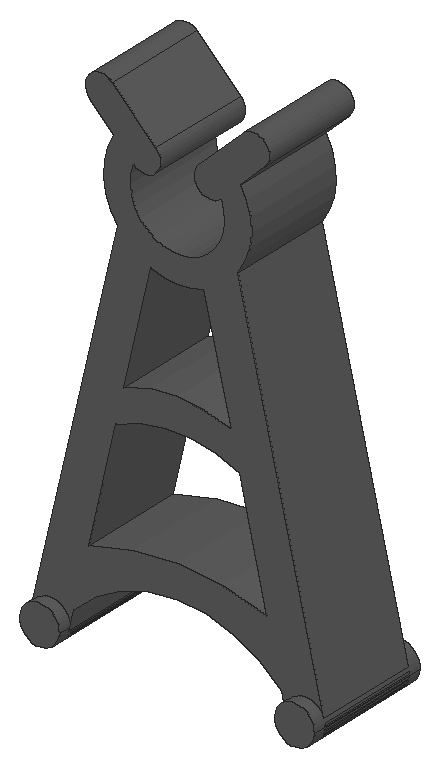
Revit family "101010006208804", category Modelos genéricos, Revit 2018
Family settings
  Puede alojar armadura = No
  Cota de conector redondo = Diámetro de uso
  Tipo de pieza = Normal
  Se basa en plano de trabajo = No
  Siempre vertical = No
  Corte con vacíos al cargar = No
  Compartido = No
  Punto de cálculo de habitación = No
Parameters (values of type "SEPARADORES TIPO TORRE 15 mm")
  Ventajas = "Mantiene la distancia en la altura exigida, mantiene los\r\nespesores de piso o techos de hormigón requerido y son\r\nmás livianas."
  Uso = "Para distanciar una barra o malla, del encofrado o fenólico."
  Unidad = "Bolsa 1000 Un."
  URL = "https://www.empresascnp.cl/"
  Num SKUs = "101010006208804"
  Nombre SKU = "SEPARADOR MOLDAJE TORRE 15MM BOLSA 2.000UN"
  Modelo = "SEPARADORES TIPO TORRE"
  Material = PEAD
  Url Ficha tecnica = "https://empresascnp.cl/wp-content/uploads//pdf/ficha-tecnica-separador-moldaje-torre-20mm-bolsa-2-000un.pdf"
  Espesor = 0.00 mm
  Empresa = "CNP SPA."
  Dureza = ""
  Dimension = 20.00 mm
  Descripción = "Torre de 20, para Fe de 8 a 12mm. Recubrimiento 20mm"
  Contacto = "info@empresascnp.cl"
  Color = "Negro"
  Aplicacion = "Se aplican a modo de clip a presión en forma\r\nhorizontal sobre el encofrado o placa fenólica. (4 Un. x m2\r\nAprox.)"
Reference planes
  plane 1 "Center F/B": y = 0
  plane 2: z = 0
  plane 3 "Center L/R": x = 0
  plane 4: z = 20
Forms (mm)
  Extrusion 1, solid, material "PEAD" <- "Material"
    sketch origin (0, 2, 0) x (1, 0, 0) y (0, 0, 1)
      loop
        line (-2.272, 15.009) -> (-5.59, 0.833)
        arc (-5.59, 0.833) -> (-5.013, 0.019) -> (-4.138, 0.497) r 0.75
        line (-4.138, 0.497) -> (-3.936, 1.371)
        arc (-3.936, 1.371) -> (0, 3.102) -> (3.936, 1.371) r 5.341
        line (3.936, 1.371) -> (4.138, 0.497)
        arc (4.138, 0.497) -> (5.013, 0.019) -> (5.59, 0.833) r 0.75
        line (5.59, 0.833) -> (2.272, 15.009)
        arc (2.272, 15.009) -> (2.797, 16.517) -> (2.412, 18.067) r 2.8
        line (2.412, 18.067) -> (3.321, 18.976)
        arc (3.321, 18.976) -> (3.321, 19.824) -> (2.472, 19.824) r 0.6
        line (2.472, 19.824) -> (0.819, 18.171)
        arc (0.819, 18.171) -> (0.819, 17.323) -> (1.668, 17.323) r 0.6
        arc (1.668, 17.323) -> (0, 14.845) -> (-1.668, 17.323) r 1.8
        arc (-1.668, 17.323) -> (-0.819, 17.323) -> (-0.819, 18.171) r 0.6
        line (-0.819, 18.171) -> (-2.472, 19.824)
        arc (-2.472, 19.824) -> (-3.321, 19.824) -> (-3.321, 18.976) r 0.6
        line (-3.321, 18.976) -> (-2.412, 18.067)
        arc (-2.412, 18.067) -> (-2.797, 16.517) -> (-2.272, 15.009) r 2.8
      loop
        line (-1.01, 14.034) -> (-2.037, 9.59)
        arc (-2.037, 9.59) -> (0, 9.994) -> (2.037, 9.59) r 5.341
        line (2.037, 9.59) -> (1.01, 14.034)
        arc (1.01, 14.034) -> (0, 13.845) -> (-1.01, 14.034) r 2.8
      loop
        line (-2.347, 8.251) -> (-3.387, 3.746)
        arc (-3.387, 3.746) -> (0, 4.302) -> (3.387, 3.746) r 10.61
        line (3.387, 3.746) -> (2.347, 8.251)
        arc (2.347, 8.251) -> (0, 8.794) -> (-2.347, 8.251) r 5.341
    from 0 to 4
  Extrusion 2, solid, material "PEAD" <- "Material"
    sketch origin (0, 2, 0) x (1, 0, 0) y (0, 0, 1)
      loop
        circle (-4.844, 0.75) r 0.75
      loop
        circle (4.844, 0.75) r 0.75
    from -0.5 to 4.5
Dimensions and locks
  "Dimension": plane 4 to level
Automatic sketch dimensions
  level to Extrusion 2 sketch curve = 0.75 mm  (x2)
  Extrusion 2 sketch curve to plane 3 "Center L/R" = 4.844 mm
  plane 3 "Center L/R" to Extrusion 2 sketch curve = 4.844 mm
  Extrusion 1 sketch curve to Extrusion 1 sketch curve = 0.00 mm  (x12)
  Extrusion 1 sketch curve to plane 3 "Center L/R" = 0.00 mm  (x5)
  Extrusion 1 sketch curve to plane 3 "Center L/R" = 0.819 mm
  Extrusion 1 sketch curve to plane 3 "Center L/R" = 1.01 mm
  Extrusion 1 sketch curve to Extrusion 1 sketch curve = 0.424 mm  (x9)
  Extrusion 1 sketch curve to plane 3 "Center L/R" = 2.037 mm
  Extrusion 1 sketch curve to Extrusion 1 sketch curve = 1.262 mm  (x2)
  Extrusion 1 sketch curve to Extrusion 1 sketch curve = 0.309 mm  (x2)
  plane 4 to Extrusion 1 sketch curve = 1.933 mm
  Extrusion 1 sketch curve to Extrusion 1 sketch curve = 1.169 mm  (x2)
  plane 4 to Extrusion 1 sketch curve = 0.176 mm  (x2)
  Extrusion 1 sketch curve to Extrusion 1 sketch curve = 0.06 mm  (x2)
  plane 4 to Extrusion 1 sketch curve = 1.024 mm  (x2)
  Extrusion 1 sketch curve to plane 3 "Center L/R" = 3.387 mm
  level to Extrusion 1 sketch curve = 1.371 mm  (x2)
  Extrusion 1 sketch curve to Extrusion 1 sketch curve = 0.549 mm
  level to Extrusion 1 sketch curve = 0.497 mm  (x2)
  Extrusion 1 sketch curve to Extrusion 1 sketch curve = 0.202 mm  (x2)
  Extrusion 1 sketch curve to Extrusion 1 sketch curve = 0.706 mm  (x2)
  level to Extrusion 1 sketch curve = 0.833 mm  (x2)
  Extrusion 1 sketch curve to Extrusion 1 sketch curve = 0.745 mm  (x2)
  plane 3 "Center L/R" to Extrusion 1 sketch curve = 0.819 mm
  plane 3 "Center L/R" to Extrusion 1 sketch curve = 1.01 mm
  plane 3 "Center L/R" to Extrusion 1 sketch curve = 2.037 mm
  plane 3 "Center L/R" to Extrusion 1 sketch curve = 3.387 mm
  Extrusion 1 sketch curve to level = 2.24 mm
  Extrusion 1 sketch curve to Extrusion 1 sketch curve = 4.068 mm
  level to Extrusion 1 sketch curve = 3.452 mm
  Extrusion 1 sketch curve to Extrusion 1 sketch curve = 2.376 mm
  Extrusion 1 sketch curve to Extrusion 1 sketch curve = 1.20 mm
  Extrusion 1 sketch curve to Extrusion 1 sketch curve = 3.598 mm
  Extrusion 1 sketch curve to Extrusion 1 sketch curve = 1.339 mm
  Extrusion 1 sketch curve to Extrusion 1 sketch curve = 4.033 mm
  Extrusion 1 sketch curve to Extrusion 1 sketch curve = 0.976 mm  (x2)
  Extrusion 1 sketch curve to Extrusion 1 sketch curve = 0.32 mm  (x2)
  radius of Extrusion 2 sketch curve = 0.75 mm  (x2)
